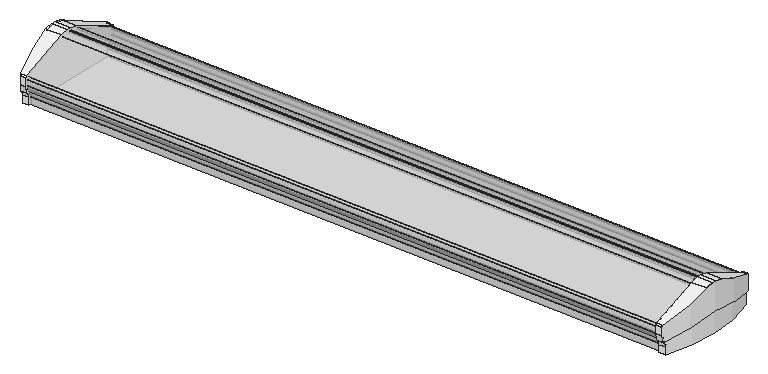
Revit family "0044887 Lighting Fixture_Sylvania_DeltaWing-LED-Electronic_Ceiling Surface", category Lighting Fixtures, host Face, Revit 2017
Family settings
  Host = Face
  Round Connector Dimension = Use Diameter
  Part Type = Normal
  OmniClass Number = 23.80.70.11.17
  OmniClass Title = Specialized Lighting by Location or Use
  Cut with Voids When Loaded = No
  Light Source = Yes
  Shared = No
  Room Calculation Point = No
Parameters (values of type "DELTAWING LED72 DALI 4K 1200")
  Width = 200.0 mm
  Weight = 3.40 kg
  Wattage = 70.5677 W
  built-in parameter 1150110 = 1 (stored number, unit not read)
  Voltage Comments = "UNV (Universal Voltage; 220-240 Volt)"  # constant formula
  Voltage = 230 V  # constant formula
  URL = "http://www.sylvania-lighting.com"
  built-in parameter 1114217 = 1 (stored number, unit not read)
  Tilt Angle = -90.00°
  built-in parameter 1150109 = 1 (stored number, unit not read)
  built-in parameter 1150134 = 12
  Ta Rating = "-10°C  to +25°C"  # constant formula
  built-in parameter 1150113 = 1 (stored number, unit not read)
  Product Page URL = "http://www.sylvania-lighting.com/product/en-int/products/0044887"
  Product Family = "DELTAWING LED - ELECTRONIC"  # constant formula
  Photometry Comments = ""
  Photometric Web File = "0044887_DELTAWINGLED72DALI4K1200-198091.ies"
  Life = "50 000h"  # constant formula
  Length = 1218.0 mm
  LOR = "100%"
  Inrush Current (max. quantity per 16A C breaker) = "20"  # constant formula
  IP Rating = "IP44"  # constant formula
  IK Rating = "IK08"  # constant formula
  Height = 85.0 mm
  Glow Wire Test = 850 °C  # constant formula
  Glare Control = "UGR<23"  # constant formula
  Emit from Line Length = Length - 2.0 mm * 29  # 1160.0 mm
  Electrical Protection = "Class I"  # constant formula
  Drive Current = "250mA"  # constant formula
  built-in parameter 1114216 [instance] = 1 (stored number, unit not read)
  Cap Material = Plastic_Sylvania_DeltaWing_White
  Model = "DELTAWING LED72 DALI 4K 1200"
  Manufacturer = "Feilo Sylvania"
  built-in parameter 1150105 = 2317.4 (stored number, unit not read)
  Lumens = 7260 lm
  built-in parameter 1150115 = 1 (stored number, unit not read)
  built-in parameter 1150137 = (empty or 0)
  built-in parameter 1150139 = (empty or 0)
  built-in parameter 1150112 = 1 (stored number, unit not read)
  built-in parameter 1150114 = 1 (stored number, unit not read)
  Lamp = "\tIntegrated LED"  # constant formula
  built-in parameter 1150132 = 2
  built-in parameter 1150102 = (empty or 0)
  built-in parameter 1150107 = 4000 (stored number, unit not read)
  built-in parameter 1150138 = (empty or 0)
  built-in parameter 1150106 = 23.174 (stored number, unit not read)
  CRI (Ra) = "> 80"  # constant formula
  Body Material = Steel_Sylvania_DeltaWing_White
  built-in parameter 1150104 = 9.5579 (stored number, unit not read)
  Dimming Lamp Color Temperature Shift = <None>
  Diffuser Material = Polycarbonate_Sylvania_DeltaWing_Opal_4000K
  Description = "Low profile surface and suspended LED diffuser luminaire DeltaWing LED is perfect to fulfil a wide range of applications, including educational environments, medical buildings, storage facilities and circulation areas including stairwells High performance: delivers up to 7,260lm (luminaire lumen output on 4,000K version), and up to 102lm/W (total system efficiency) Available in neutral white (4,000K) and warm white (3,000K) Smooth Polycarbonate extruded diffuser provides high efficiency, while minimising glare Precision prisms designed to optimise light output and reduce glare Options of non-dimmable, DALI, 3 hour maintained Emergency and Integrated Microwave sensor as standard Integrated Microwave sensor mounted discretely behind the diffuser helps further reduce energy and maintenance bills Suitable for suspended mounting using wire suspension kit (to be ordered seperately) BESA box connection possibility standard on product Long lifetime: 50,000 hours life at 70% of the original output L70 Energy class: A++, A+, A"  # constant formula
  Default Elevation = 0.0 mm
  Color Filter = 16777215
  Catalog Number = "0044887 DELTAWING LED72 DALI 4K 1200"
  built-in parameter 1140040 [instance] = 1
  built-in parameter 1114218 = 1 (stored number, unit not read)
  built-in parameter 1150133 = 10 (stored number, unit not read)
  Assembly Code = "D5020200"
  Apparent Load = 71 VA
Reference planes
  plane 1 "Center (Front/Back)": y = 0
  plane 2 "Fixture Top": z = 0
  plane 3 "Center (Left/Right)": x = 0
  plane 4 "Fixture Left": x = -609
  plane 5 "Fixture Right": x = 609
  plane 6 "Fixture Back": y = 100
  plane 7 "Fixture Front": y = -100
  plane 8 "Cap left": x = -580
  plane 9 "Cap Right": x = 580
  plane 10 "Lamp Plane": z = 22
  plane 11 "Fixture Bottom": z = 85
  plane 12: y = 20
  plane 13: y = -20
Forms (mm)
  Extrusion 1, solid, material "Steel_Sylvania_DeltaWing_White" <- "Body Material", detail levels fine
    sketch origin (0, 0, 0) x (0, 1, 0) y (0, 0, 1)
      loop
        line (-88.5, 0) -> (88.5, 0) -> (88.5, 13.239) -> (90.848, 22) -> (88.777, 22) -> (86.5, 13.502) -> (86.5, 2) -> (-86.5, 2) -> (-86.5, 13.502) -> (-88.777, 22) -> (-90.848, 22) -> (-88.5, 13.239) -> (-88.5, 0)
    from -580 to 580
  Extrusion 2, solid, material "Polycarbonate_Sylvania_DeltaWing_Opal_4000K" <- "Diffuser Material", detail levels fine
    sketch origin (0, 0, 0) x (0, 1, 0) y (0, 0, 1)
      loop
        line (96, 33.502) -> (94.018, 26.104) -> (92.041, 26.455) -> (88.5, 13.239) -> (88.5, 0) -> (90.5, 0) -> (90.5, 12.975) -> (93.498, 24.165) -> (95.475, 23.815) -> (98, 33.238) -> (98, 44.42)
        arc (98, 44.42) -> (97.319, 46.653) -> (95.506, 48.125) r 4
        line (95.506, 48.125) -> (16.971, 80.055)
        arc (16.971, 80.055) -> (9.581, 82.257) -> (1.906, 83) r 40
        line (1.906, 83) -> (-1.906, 83)
        arc (-1.906, 83) -> (-9.581, 82.257) -> (-16.971, 80.055) r 40
        line (-16.971, 80.055) -> (-95.506, 48.125)
        arc (-95.506, 48.125) -> (-97.319, 46.653) -> (-98, 44.42) r 4
        line (-98, 44.42) -> (-98, 33.238) -> (-95.475, 23.815) -> (-93.498, 24.165) -> (-90.5, 12.975) -> (-90.5, 0) -> (-88.5, 0) -> (-88.5, 13.239) -> (-92.041, 26.455) -> (-94.018, 26.104) -> (-96, 33.502) -> (-96, 43.074)
        arc (-96, 43.074) -> (-95.319, 45.307) -> (-93.506, 46.779) r 4
        line (-93.506, 46.779) -> (-15.978, 78.299)
        arc (-15.978, 78.299) -> (-9.922, 80.17) -> (-3.638, 81) r 37.685
        line (-3.638, 81) -> (3.638, 81)
        arc (3.638, 81) -> (9.922, 80.17) -> (15.978, 78.299) r 37.685
        line (15.978, 78.299) -> (93.506, 46.779)
        arc (93.506, 46.779) -> (95.319, 45.307) -> (96, 43.074) r 4
        line (96, 43.074) -> (96, 33.502)
    from -580 to 580
  Extrusion 3, solid, material "Steel_Sylvania_DeltaWing_White" <- "Body Material", detail levels coarse+medium
    sketch origin (0, 0, 0) x (0, 1, 0) y (0, 0, 1)
      loop
        line (-16.971, 80.055) -> (-95.506, 48.125)
        arc (-95.506, 48.125) -> (-97.319, 46.653) -> (-98, 44.42) r 4
        line (-98, 44.42) -> (-98, 33.238) -> (-95.475, 23.815) -> (-93.498, 24.165) -> (-90.5, 12.975) -> (-90.5, 0) -> (90.5, 0) -> (90.5, 12.975) -> (93.498, 24.165) -> (95.475, 23.815) -> (98, 33.238) -> (98, 44.42)
        arc (98, 44.42) -> (97.319, 46.653) -> (95.506, 48.125) r 4
        line (95.506, 48.125) -> (16.971, 80.055)
        arc (16.971, 80.055) -> (9.581, 82.257) -> (1.906, 83) r 40
        line (1.906, 83) -> (-1.906, 83)
        arc (-1.906, 83) -> (-9.581, 82.257) -> (-16.971, 80.055) r 40
    from -580 to 580
Dimensions and locks
  equal spacing: plane 4 "Fixture Left", plane 3 "Center (Left/Right)", plane 5 "Fixture Right"
  "Length": plane 4 "Fixture Left" to plane 5 "Fixture Right"
  locked: plane 4 "Fixture Left" to plane 8 "Cap left" at 29
  locked: plane 9 "Cap Right" to plane 5 "Fixture Right" at 29
  "Height": plane 11 "Fixture Bottom" to plane 2 "Fixture Top"
  equal spacing: plane 6 "Fixture Back", plane 1 "Center (Front/Back)", plane 7 "Fixture Front"
  "Width": plane 6 "Fixture Back" to plane 7 "Fixture Front"
  equal spacing: plane 12, plane 1 "Center (Front/Back)", plane 13
  locked: Extrusion 1 sketch curve to Extrusion 1 sketch curve at 2
  locked: plane 10 "Lamp Plane" to Extrusion 1 sketch curve at 8.498  (x2)
  aligned and locked: level to host face
  aligned and locked: nested 1 to plane 1 "Center (Front/Back)"
  aligned and locked: nested 1 to plane 5 "Fixture Right"
  aligned and locked: nested 2 to plane 4 "Fixture Left"
  aligned and locked: plane 2 "Fixture Top" to Extrusion 1 sketch curve
  aligned and locked: Extrusion 1 to plane 8 "Cap left"
  aligned and locked: plane 9 "Cap Right" to Extrusion 1
  aligned and locked: Extrusion 2 to plane 8 "Cap left"
  aligned and locked: plane 9 "Cap Right" to Extrusion 2
  aligned and locked: Extrusion 3 sketch curve to Extrusion 2  (x2)
  aligned and locked: Extrusion 3 to plane 8 "Cap left"
  aligned and locked: plane 9 "Cap Right" to Extrusion 3
  aligned and locked: plane 2 "Fixture Top" to nested 2
  aligned and locked: nested 1 to plane 2 "Fixture Top"
  aligned and locked: plane 10 "Lamp Plane" to Extrusion 1 sketch curve  (x2)
  aligned and locked: Extrusion 3 sketch curve to plane 2 "Fixture Top"
  aligned and locked: plane 2 "Fixture Top" to Extrusion 2 sketch curve
  aligned and locked: Extrusion 2 sketch curve to plane 2 "Fixture Top"
  aligned and locked: imposter light to plane 1 "Center (Front/Back)"
  aligned and locked: plane 3 "Center (Left/Right)" to imposter light
  aligned and locked: plane 11 "Fixture Bottom" to imposter light
Automatic sketch dimensions
  host sketch curve to host sketch curve = 1713.741 mm
  host sketch curve to host sketch curve = 1283.632 mm
  plane 7 "Fixture Front" to Extrusion 2 sketch curve = 2.0 mm
  Extrusion 2 sketch curve to plane 10 "Lamp Plane" = 9.025 mm  (x2)
  Extrusion 2 sketch curve to Extrusion 2 sketch curve = 2.0 mm  (x8)
  Extrusion 2 sketch curve to Extrusion 2 sketch curve = 2.494 mm
  plane 10 "Lamp Plane" to Extrusion 2 sketch curve = 1.815 mm  (x2)
  plane 7 "Fixture Front" to Extrusion 2 sketch curve = 4.525 mm
  Extrusion 2 sketch curve to Extrusion 2 sketch curve = 1.457 mm  (x2)
  plane 10 "Lamp Plane" to Extrusion 2 sketch curve = 2.165 mm  (x2)
  Extrusion 2 sketch curve to Extrusion 2 sketch curve = 0.52 mm
  Extrusion 2 sketch curve to Extrusion 2 sketch curve = 1.977 mm  (x3)
  plane 7 "Fixture Front" to Extrusion 2 sketch curve = 9.5 mm
  plane 13 to Extrusion 2 sketch curve = 3.029 mm
  Extrusion 2 sketch curve to Extrusion 2 sketch curve = 0.993 mm  (x2)
  plane 1 "Center (Front/Back)" to Extrusion 2 sketch curve = 3.638 mm
  plane 1 "Center (Front/Back)" to Extrusion 2 sketch curve = 1.906 mm
  Extrusion 2 sketch curve to plane 1 "Center (Front/Back)" = 1.906 mm
  Extrusion 2 sketch curve to Extrusion 2 sketch curve = 1.732 mm
  plane 12 to Extrusion 2 sketch curve = 4.022 mm
  Extrusion 2 sketch curve to plane 6 "Fixture Back" = 11.5 mm
  Extrusion 2 sketch curve to plane 6 "Fixture Back" = 7.959 mm
  Extrusion 2 sketch curve to plane 6 "Fixture Back" = 6.494 mm
  Extrusion 2 sketch curve to plane 6 "Fixture Back" = 4.0 mm
  Extrusion 2 sketch curve to plane 6 "Fixture Back" = 2.0 mm
  Extrusion 2 sketch curve to Extrusion 2 sketch curve = 0.041 mm  (x2)
  Extrusion 2 sketch curve to Extrusion 2 sketch curve = 1.506 mm
  Extrusion 2 sketch curve to Extrusion 2 sketch curve = 0.494 mm
  Extrusion 2 sketch curve to Extrusion 2 sketch curve = 0.263 mm  (x4)
  Extrusion 2 sketch curve to Extrusion 2 sketch curve = 1.939 mm  (x2)
  Extrusion 2 sketch curve to Extrusion 2 sketch curve = 0.351 mm  (x2)
  Extrusion 2 sketch curve to Extrusion 2 sketch curve = 7.134 mm  (x2)
  Extrusion 2 sketch curve to Extrusion 2 sketch curve = 9.572 mm  (x2)
  Extrusion 2 sketch curve to Extrusion 2 sketch curve = 1.346 mm  (x2)
  Extrusion 2 sketch curve to plane 11 "Fixture Bottom" = 6.701 mm
  Extrusion 2 sketch curve to Extrusion 2 sketch curve = 0.0 mm
  Extrusion 2 sketch curve to Extrusion 2 sketch curve = 1.755 mm  (x2)
  Extrusion 2 sketch curve to Extrusion 2 sketch curve = 2.701 mm
  Extrusion 1 sketch curve to Extrusion 1 sketch curve = 2.0 mm  (x2)
  Extrusion 1 sketch curve to Extrusion 1 sketch curve = 0.263 mm  (x2)
  Extrusion 1 sketch curve to Extrusion 1 sketch curve = 2.071 mm  (x2)
  plane 7 "Fixture Front" to Extrusion 1 sketch curve = 9.152 mm
  plane 13 to Extrusion 3 sketch curve = 3.029 mm
  Extrusion 3 sketch curve to Extrusion 3 sketch curve = 1.506 mm  (x2)
  Extrusion 3 sketch curve to Extrusion 3 sketch curve = 11.181 mm  (x2)
  plane 10 "Lamp Plane" to Extrusion 3 sketch curve = 1.815 mm  (x2)
  plane 7 "Fixture Front" to Extrusion 3 sketch curve = 4.525 mm
  plane 10 "Lamp Plane" to Extrusion 3 sketch curve = 2.165 mm  (x2)
  Extrusion 3 sketch curve to Extrusion 3 sketch curve = 1.977 mm  (x2)
  plane 7 "Fixture Front" to Extrusion 3 sketch curve = 9.5 mm
  Extrusion 3 sketch curve to plane 10 "Lamp Plane" = 9.025 mm  (x2)
  plane 1 "Center (Front/Back)" to Extrusion 3 sketch curve = 1.906 mm
  plane 10 "Lamp Plane" to Extrusion 3 sketch curve = 21.0 mm
  plane 12 to Extrusion 3 sketch curve = 3.029 mm
  Extrusion 3 sketch curve to plane 1 "Center (Front/Back)" = 1.906 mm
  Extrusion 3 sketch curve to plane 6 "Fixture Back" = 4.494 mm
  Extrusion 3 sketch curve to Extrusion 3 sketch curve = 0.0 mm
  plane 10 "Lamp Plane" to Extrusion 3 sketch curve = 26.125 mm
  Extrusion 3 sketch curve to plane 6 "Fixture Back" = 2.0 mm
  Extrusion 3 sketch curve to plane 6 "Fixture Back" = 4.525 mm
  Extrusion 3 sketch curve to plane 6 "Fixture Back" = 9.5 mm
  Extrusion 1 sketch curve to plane 6 "Fixture Back" = 11.223 mm
  plane 7 "Fixture Front" to Extrusion 1 sketch curve = 11.5 mm
  Extrusion 1 sketch curve to plane 6 "Fixture Back" = 13.5 mm
Nested families
  nested 1: "Cap" at (580, 0, 0) x (0, 1, 0) z (0, 0, 1), type "Type"
  nested 2: "Cap" at (-580, 0, 0) x (0, 1, 0) z (0, 0, 1), type "Type"
Connectors
  electrical at (0, 0, 0), driven by "Voltage", driven by "Apparent Load"
    settings: on Extrusion 1, index 1, voltage 230 V, apparent load 0 VA, apparent load phase1 71 VA, apparent load phase2 0 VA, apparent load phase3 0 VA, power factor 1, load classification "Lighting", number of poles 1, system type 31, power factor state 1, is connector primary yes, connector utility no, sub classification motor no, connector description ""
Definition of nested family "Cap"
  Parameters
    Height = 85.0 mm
    Width = 200.0 mm
    Default Elevation = 0.0 mm
    Cap Material = none
  Reference planes
    plane 1 "Center (Front/Back)": y = 0
    plane 2: z = 0
    plane 3 "Center (Left/Right)": x = 0
    plane 4: x = 100
    plane 5: x = -100
    plane 6: y = -29
    plane 7: y = -10
    plane 8: z = 85
    plane 9: z = 17
    plane 10: z = 22
    plane 11: z = 37
  Forms (mm)
    Extrusion 1, solid, material <- "Cap Material"
      sketch origin (0, 0, 0) x (1, 0, 0) y (0, 1, 0)
        loop
          line (-100, 0) -> (-100, -10)
          arc (-100, -10) -> (0, -28.818) -> (100, -10) r 275.114
          line (100, -10) -> (100, 0) -> (-100, 0)
      from 0 to 85
    Extrusion 2, void
      sketch origin (0, 0, 0) x (1, 0, 0) y (0, 0, 1)
        loop
          line (-92.5, 0) -> (-92.5, 12.712) -> (-94.955, 21.876) -> (-96.887, 21.358) -> (-101.913, 40.115)
          arc (-101.913, 40.115) -> (-101.345, 45.755) -> (-97.183, 49.603) r 8
          line (-97.183, 49.603) -> (-17.481, 82.006)
          arc (-17.481, 82.006) -> (-8.901, 84.444) -> (0, 85) r 41.685
          arc (0, 85) -> (8.901, 84.444) -> (17.481, 82.006) r 41.685
          line (17.481, 82.006) -> (97.183, 49.603)
          arc (97.183, 49.603) -> (101.345, 45.755) -> (101.913, 40.115) r 8
          line (101.913, 40.115) -> (96.887, 21.358) -> (94.955, 21.876) -> (92.5, 12.712) -> (92.5, 0) -> (117.5, 0) -> (117.5, 106.013) -> (-117.5, 106.013) -> (-117.5, 0) -> (-92.5, 0)
      from 0 to 250
    Extrusion 3, void
      sketch origin (0, 0, 0) x (1, 0, 0) y (0, 0, 1)
        loop
          line (-94.955, 21.876) -> (-100, 20.524) -> (-100, 0) -> (100, 0) -> (100, 20.524) -> (94.955, 21.876) -> (10.419, 36.87)
          arc (10.419, 36.87) -> (0, 37.781) -> (-10.419, 36.87) r 60
          line (-10.419, 36.87) -> (-94.955, 21.876)
      from -68.585 to 250
    Extrusion 4, solid, material <- "Cap Material"
      sketch origin (0, 0, 0) x (1, 0, 0) y (0, 1, 0)
        loop
          line (-100, 0) -> (-100, -9.525)
          arc (-100, -9.525) -> (0.169, -27.445) -> (100, -7.727) r 275.114
          line (100, -7.727) -> (100, 0) -> (-100, 0)
      from 0 to 85
    Extrusion 5, void
      sketch origin (0, 0, 0) x (1, 0, 0) y (0, 0, 1)
        loop
          line (-92.5, 0) -> (-92.5, 12.712) -> (-94.955, 21.876) -> (-96.887, 21.358) -> (-101.913, 40.115)
          arc (-101.913, 40.115) -> (-101.345, 45.755) -> (-97.183, 49.603) r 8
          line (-97.183, 49.603) -> (-17.481, 82.006)
          arc (-17.481, 82.006) -> (-8.901, 84.444) -> (0, 85) r 41.685
          arc (0, 85) -> (8.901, 84.444) -> (17.481, 82.006) r 41.685
          line (17.481, 82.006) -> (97.183, 49.603)
          arc (97.183, 49.603) -> (101.345, 45.755) -> (101.913, 40.115) r 8
          line (101.913, 40.115) -> (96.887, 21.358) -> (94.955, 21.876) -> (92.5, 12.712) -> (92.5, 0) -> (117.5, 0) -> (117.5, 106.013) -> (-117.5, 106.013) -> (-117.5, 0) -> (-92.5, 0)
      from 0 to 250
  Cuts and joins
    Extrusion 2, Extrusion 3, Extrusion 5 cuts Extrusion 1
    Extrusion 5 cuts Extrusion 4
    joined: Extrusion 1, Extrusion 4
  Dimensions and locks
    equal spacing: plane 5, plane 3 "Center (Left/Right)", plane 4
    "Width": plane 5 to plane 4
    locked: plane 1 "Center (Front/Back)" to plane 6 at 29
    plane 1 "Center (Front/Back)" to plane 7 = 10.0 mm
    "Height": plane 8 to level
    plane 9 to plane 2 = 17.0 mm
    plane 10 to plane 9 = 5.0 mm
    Extrusion 2 sketch curve to plane 5 = 7.5 mm
    aligned and locked: level to plane 2
    aligned and locked: plane 1 "Center (Front/Back)" to Extrusion 1 sketch curve
    aligned and locked: Extrusion 1 sketch curve to plane 5
    aligned and locked: Extrusion 1 sketch curve to plane 4
    aligned and locked: plane 7 to Extrusion 1 sketch curve  (x2)
    aligned and locked: Extrusion 1 to plane 2
    aligned and locked: plane 8 to Extrusion 1
  Automatic sketch dimensions
    Extrusion 1 sketch curve to plane 1 "Center (Front/Back)" = 246.296 mm
    Extrusion 2 sketch curve to plane 5 = 17.5 mm
    Extrusion 2 sketch curve to plane 9 = 4.288 mm
    Extrusion 2 sketch curve to plane 3 "Center (Left/Right)" = 0.0 mm
    Extrusion 2 sketch curve to plane 8 = 0.0 mm
    Extrusion 2 sketch curve to plane 5 = 1.913 mm
    plane 5 to Extrusion 2 sketch curve = 2.817 mm
    plane 10 to Extrusion 2 sketch curve = 0.642 mm  (x2)
    plane 5 to Extrusion 2 sketch curve = 3.113 mm
    plane 10 to Extrusion 2 sketch curve = 0.124 mm  (x2)
    Extrusion 2 sketch curve to plane 8 = 2.994 mm  (x2)
    Extrusion 2 sketch curve to plane 3 "Center (Left/Right)" = 17.481 mm
    plane 3 "Center (Left/Right)" to Extrusion 2 sketch curve = 17.481 mm
    Extrusion 2 sketch curve to plane 4 = 7.5 mm
    Extrusion 2 sketch curve to plane 4 = 5.045 mm
    Extrusion 2 sketch curve to Extrusion 2 sketch curve = 1.932 mm
    Extrusion 2 sketch curve to plane 4 = 2.817 mm
    plane 4 to Extrusion 2 sketch curve = 1.913 mm
    plane 4 to Extrusion 2 sketch curve = 17.5 mm
    plane 5 to Extrusion 2 sketch curve = 5.814 mm
    Extrusion 2 sketch curve to plane 3 "Center (Left/Right)" = 1.865 mm
    plane 3 "Center (Left/Right)" to Extrusion 2 sketch curve = 1.865 mm
    Extrusion 2 sketch curve to plane 4 = 5.814 mm
    Extrusion 2 sketch curve to Extrusion 2 sketch curve = 9.488 mm  (x2)
    plane 8 to Extrusion 2 sketch curve = 21.013 mm
    Extrusion 2 sketch curve to level = 0.0 mm  (x2)
    Extrusion 3 sketch curve to plane 3 "Center (Left/Right)" = 0.0 mm
    plane 10 to Extrusion 3 sketch curve = 0.124 mm  (x2)
    Extrusion 3 sketch curve to plane 3 "Center (Left/Right)" = 10.419 mm
    plane 3 "Center (Left/Right)" to Extrusion 3 sketch curve = 10.419 mm
    plane 11 to Extrusion 3 sketch curve = 0.13 mm
    plane 10 to Extrusion 3 sketch curve = 1.476 mm  (x2)
    Extrusion 3 sketch curve to level = 0.0 mm
    Extrusion 3 sketch curve to plane 5 = 0.0 mm
    Extrusion 3 sketch curve to Extrusion 3 sketch curve = 22.219 mm
    plane 5 to Extrusion 3 sketch curve = 5.045 mm
    Extrusion 3 sketch curve to plane 4 = 5.045 mm
    plane 4 to Extrusion 3 sketch curve = 0.0 mm
    plane 1 "Center (Front/Back)" to Extrusion 4 sketch curve = 0.0 mm
    Extrusion 4 sketch curve to plane 5 = 0.0 mm
    Extrusion 4 sketch curve to plane 4 = 0.0 mm
    plane 7 to Extrusion 4 sketch curve = 2.273 mm
    plane 7 to Extrusion 4 sketch curve = 0.475 mm
    Extrusion 4 sketch curve to plane 1 "Center (Front/Back)" = 247.658 mm
    Extrusion 5 sketch curve to level = 0.0 mm  (x2)
    Extrusion 5 sketch curve to plane 5 = 17.5 mm
    Extrusion 5 sketch curve to plane 9 = 4.288 mm  (x2)
    Extrusion 5 sketch curve to plane 3 "Center (Left/Right)" = 0.0 mm
    Extrusion 5 sketch curve to plane 8 = 0.0 mm
    Extrusion 5 sketch curve to plane 5 = 1.913 mm
    plane 5 to Extrusion 5 sketch curve = 2.817 mm
    plane 10 to Extrusion 5 sketch curve = 0.642 mm  (x2)
    plane 5 to Extrusion 5 sketch curve = 3.113 mm
    plane 10 to Extrusion 5 sketch curve = 0.124 mm  (x2)
    Extrusion 5 sketch curve to Extrusion 5 sketch curve = 1.932 mm
    Extrusion 5 sketch curve to plane 8 = 2.994 mm  (x2)
    Extrusion 5 sketch curve to plane 3 "Center (Left/Right)" = 17.481 mm
    plane 3 "Center (Left/Right)" to Extrusion 5 sketch curve = 17.481 mm
    Extrusion 5 sketch curve to plane 4 = 7.5 mm
    Extrusion 5 sketch curve to plane 4 = 5.045 mm
    Extrusion 5 sketch curve to plane 4 = 2.817 mm
    plane 4 to Extrusion 5 sketch curve = 1.913 mm
    plane 4 to Extrusion 5 sketch curve = 17.5 mm
    plane 5 to Extrusion 5 sketch curve = 5.814 mm
    Extrusion 5 sketch curve to plane 3 "Center (Left/Right)" = 1.865 mm
    plane 3 "Center (Left/Right)" to Extrusion 5 sketch curve = 1.865 mm
    Extrusion 5 sketch curve to plane 4 = 5.814 mm
    Extrusion 5 sketch curve to Extrusion 5 sketch curve = 9.488 mm  (x2)
    plane 8 to Extrusion 5 sketch curve = 21.013 mm
